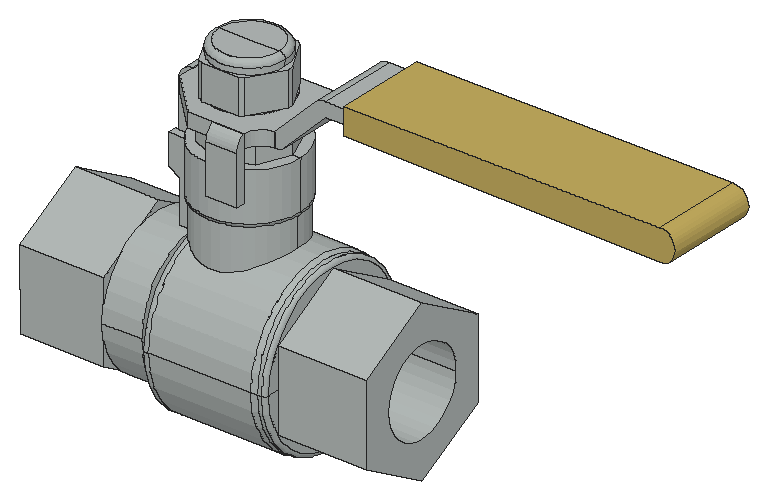
Revit family "QP00300000", category Apparecchi idraulici, Revit 2020
Family settings
  Quota connettore circolare = Usa diametro
  Tipo di parte = Normale
  Numero OmniClass = 23.45.00.00
  Titolo OmniClass = Sanitary, Laundry, and Cleaning Equipment
  Basato su piano di lavoro = No
  Sempre verticale = Sì
  Taglio con vuoti quando caricato = No
  Condiviso = No
  Punto di calcolo locali = No
Parameters
  URL = "https://web.cimberio.com/index.php/figura/85?subcategoria_id=95351"
  Temperatura di esercizio = "-20 ÷ 60°C"
  Prospetto di default = 0 mm
  Produttore = "CIMBERIO SPA"
  Pressione nominale = "MOP 5"
  Modello = "Cim 11G"
  Materiale = "Prodotto in lega di ottone conforme alla norma EN 12165-CW617N-DW"
  Descrizione = "Utilizzato nell’impiantistica distributiva di gas a bassa pressione per le categorie:\r\nGas naturali: gas derivati dal petrolio (Metano) e gas di ricambio.\r\nGas di città: prodotti secondo i diversi procedimenti (Cracking - Cokerie - ecc.).\r\nGas liquidi: propano e miscele di gas propano/butano."
  DN Model [instance] = QP00301015 : QP00301015
  DN [instance] = 15 mm
  Commenti sul tipo = "Realizzato in ottemperanza ai requisiti gestionali della norma EN ISO 9001.\r\nCollaudato al 100% secondo la normativa EN 12266-1"
Reference planes
  plane 1 "Centro (Fronte/Retro)": y = 0
  plane 2: z = 0
  plane 3 "Centro (Sinistra/Destra)": x = 0
Dimensions and locks
  aligned and locked: level to plane 2
Nested families
  nested 1: "QP00301015" at (0, 0, 0), type <- "DN Model", type "QP00301015"
  nested 2: "QP00301015" at (0, 0, 0), type <- "DN Model", type "QP00301015"
  nested 3: "QP00301015" at (0, 0, 0), type <- "DN Model", type "QP00301015"
  nested 4: "QP00301015" at (0, 0, 0), type <- "DN Model", type "QP00301015"
  nested 5: "QP00301015" at (0, 0, 0), type <- "DN Model", type "QP00301015"
  nested 6: "QP00301015" at (0, 0, 0), type <- "DN Model", type "QP00301015"
  nested 7: "QP00301015" at (0, 0, 0), type <- "DN Model", type "QP00301015"
  nested 8: "QP00301015" at (0, 0, 0), type <- "DN Model", type "QP00301015"
  nested 9: "QP00301015" at (0, 0, 0), type <- "DN Model", type "QP00301015"
  nested 10: "QP00301015" at (0, 0, 0), type <- "DN Model", type "QP00301015"
  nested 11: "QP00301015" at (0, 0, 0), type <- "DN Model", type "QP00301015"
Connectors
  piping at (30.3, 0, 0), diameter 15, driven by "DN"
    settings: on nested 1, index 1, connector inside diameter 609.6 mm, connector length 0 mm, flow factor 0, pipe flow 0.0 L/s, pressure drop 0.0 Pa, fitting loss kfactor 0, connector angle 0.00°, fixture units 0, engagement length 0 mm, angle of deflection 0.00°, flow configuration 0, flow direction 0, fitting loss method 0, system type 7, joint type 0, gender type 0, connector reference index -1, connector utility 0, adjustable connector no, is connector primary yes, connector description ""
  piping at (-30.6, 0, 0), diameter 15, driven by "DN"
    settings: on nested 1, index 2, connector inside diameter 609.6 mm, connector length 0 mm, flow factor 0, pipe flow 0.0 L/s, pressure drop 0.0 Pa, fitting loss kfactor 0, connector angle 0.00°, fixture units 0, engagement length 0 mm, angle of deflection 0.00°, flow configuration 0, flow direction 0, fitting loss method 0, system type 7, joint type 0, gender type 0, connector reference index -1, connector utility 0, adjustable connector no, is connector primary no, connector description ""
Definition of nested family "QP00301015"
  Parameters (values of type "QP00301015")
    Default Elevation = 0 mm
  Reference planes
    plane 1 "Centro (Fronte/Retro)": y = 0
    plane 2: z = 0
    plane 3 "Centro (Sinistra/Destra)": x = 0
  Forms (mm)
    Revolve 1, solid
      sketch origin (0, 0, 0) x (1, 0, 0) y (0, 1, 0)
        loop
          line (-16, 5) -> (14.6, 5) -> (14.6, 14.05)
          arc (14.6, 14.05) -> (14.395, 14.545) -> (13.9, 14.75) r 0.7
          line (13.9, 14.75) -> (13.098, 14.75) -> (12.164, 15) -> (-5.816, 15)
          arc (-5.816, 15) -> (-6.243, 14.992) -> (-6.646, 14.854) r 1.384
          line (-6.646, 14.854) -> (-9, 12.5) -> (-16, 12.5) -> (-16, 5)
        axis (-16, 0) -> (14.6, 0)
      angle from 0 to 360
    Extrusion 2, solid
      sketch origin (-11, 0, 0) x (0, 0, 1) y (0, 1, 0)
        loop
          circle (0, 0) r 7.5
        loop
          line (-14, 0) -> (-7, -12.124) -> (7, -12.124) -> (14, 0) -> (7, 12.124) -> (-7, 12.124) -> (-14, 0)
      from 5 to 19.6
    Extrusion 3, solid
      sketch origin (11, 0, 0) x (0, 0, 1) y (0, -1, 0)
        loop
          circle (0, 0) r 7.5
        loop
          line (-14, 0) -> (-7, -12.124) -> (7, -12.124) -> (14, 0) -> (7, 12.124) -> (-7, 12.124) -> (-14, 0)
      from 3.6 to 19.3
    Revolve 4, solid
      sketch origin (0, 0, 0) x (1, 0, 0) y (0, 0, 1)
        loop
          line (0, 29.3) -> (0, 8.958) -> (8.5, 8.958) -> (8.5, 20.183)
          arc (8.5, 20.183) -> (8.859, 20.403) -> (9, 20.8) r 0.631
          line (9, 20.8) -> (9, 29.3) -> (0, 29.3)
        axis (0, 8.958) -> (0, 29.3)
      angle from 0 to 360
    Extrusion 5, solid
      sketch origin (0, 0, 0) x (1, 0, 0) y (0, 0, 1)
        loop
          line (-7.25, 26.3) -> (-13, 26.3) -> (-13, 21) -> (-11.022, 19.858) -> (-11.022, 11.41) -> (-7.25, 11.41) -> (-7.25, 26.3)
      from 0 to 1.512
    Extrusion 6, solid
      sketch origin (0, 0, 28.55) x (1, 0, 0) y (0, 1, 0)
        loop
          line (0, -7.5) -> (5.303, -5.303) -> (7.5, 0) -> (5.303, 5.303) -> (0, 7.5) -> (-5.303, 5.303) -> (-7.5, 0) -> (-5.303, -5.303) -> (0, -7.5)
      from 0.75 to 4.75
    Extrusion 7, solid
      sketch origin (0, 0, 28.55) x (1, 0, 0) y (0, 1, 0)
        loop
          circle (0, 0) r 6.752
      from 4.75 to 8.25
    Extrusion 8, solid
      sketch origin (0, 0, 28.55) x (1, 0, 0) y (0, 1, 0)
        loop
          line (-10, 7) -> (-10, -2.9) -> (-2.9, -10) -> (7, -10)
          arc (7, -10) -> (7.879, -7.879) -> (10, -7) r 3
          line (10, -7) -> (10, 7) -> (-10, 7)
        loop
          circle (0, 0) r 6.752
      from 5.75 to 8.25
    Extrusion 9, solid
      sketch origin (0, 0, 28.55) x (1, 0, 0) y (0, 1, 0)
        loop
          line (4.028, -6.028) -> (7.234, -0.474)
          arc (7.234, -0.474) -> (7.25, -0.003) -> (7.235, 0.468) r 7.25
          line (7.235, 0.468) -> (4.022, 6.032) -> (3.199, 6.506) -> (-3.199, 6.506) -> (-4.022, 6.032) -> (-7.235, 0.467)
          arc (-7.235, 0.467) -> (-7.25, -0.003) -> (-7.235, -0.474) r 7.25
          line (-7.235, -0.474) -> (-4.027, -6.029)
          arc (-4.027, -6.029) -> (-3.627, -6.278) -> (-3.211, -6.5) r 7.25
          line (-3.211, -6.5) -> (3.211, -6.5)
          arc (3.211, -6.5) -> (3.627, -6.278) -> (4.028, -6.028) r 7.25
      from 8.25 to 14.25
    Revolve 10, solid
      sketch origin (0, 0, 0) x (1, 0, 0) y (0, 0, 1)
        loop
          line (0, 44.8) -> (0, 42.8) -> (6.25, 42.8) -> (6.25, 43.8)
          arc (6.25, 43.8) -> (5.957, 44.507) -> (5.25, 44.8) r 1
          line (5.25, 44.8) -> (0, 44.8)
        axis (0, 44.8) -> (0, 42.8)
      angle from 0 to 360
    Extrusion 11, solid
      sketch origin (0, 0, 0) x (1, 0, 0) y (0, 0, 1)
        loop
          arc (-10, 36.8) -> (-11.768, 36.068) -> (-12.5, 34.3) r 2.5
          line (-12.5, 34.3) -> (-12.5, 25.603) -> (-10, 25.603) -> (-10, 36.8)
      from -7 to 0
    Extrusion 12, solid
      sketch origin (-11, 0, 0) x (0, 0, 1) y (0, 1, 0)
        loop
          line (36.8, -10) -> (25.795, -10) -> (25.795, -11.537) -> (34.3, -11.537)
          arc (34.3, -11.537) -> (35.767, -11.122) -> (36.8, -10) r 2.802
      from -18 to -12.6
    Extrusion 13, solid
      sketch origin (0, 0, 0) x (1, 0, 0) y (0, 0, 1)
        loop
          line (10, 36.8) -> (10, 34.3)
          arc (10, 34.3) -> (10.957, 34.49) -> (11.768, 35.032) r 2.5
          line (11.768, 35.032) -> (19.036, 42.3) -> (22.997, 42.3) -> (22.997, 44.8) -> (19.036, 44.8)
          arc (19.036, 44.8) -> (18.079, 44.61) -> (17.268, 44.068) r 2.5
          line (17.268, 44.068) -> (10, 36.8)
      from -7 to 7
    Extrusion 14, solid
      sketch origin (0, 0, 0) x (1, 0, 0) y (0, 0, 1)
        loop
          line (22.997, 45.8) -> (22.997, 41.3) -> (78.476, 40.816)
          arc (78.476, 40.816) -> (81.21, 43.55) -> (78.476, 46.284) r 2.734
          line (78.476, 46.284) -> (22.997, 45.8)
      from -8 to 8
  Cuts and joins
    joined: Revolve 1, Revolve 4, Extrusion 5
  Dimensions and locks
    aligned and locked: level to plane 2
